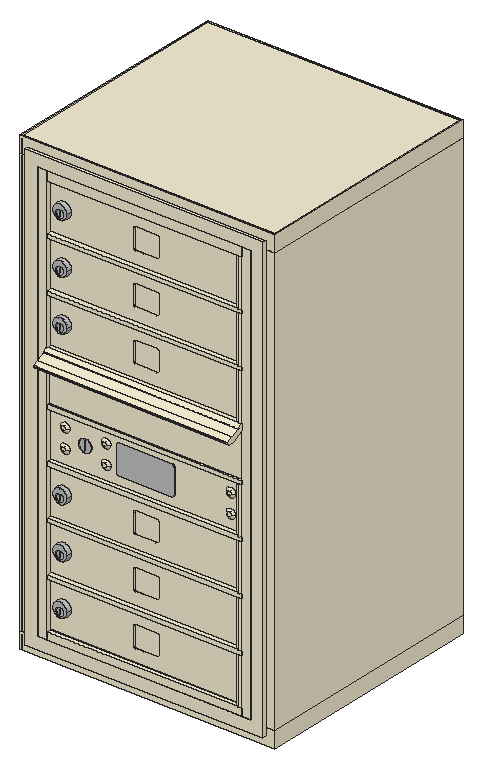
Revit family "Mailboxes_4C-Salsbury_Industries-Surface_Mounted-8_Door_High_Units", category Specialty Equipment, Revit 2016
Family settings
  Part Type = Normal
  Round Connector Dimension = Use Diameter
  OmniClass Number = 23.40.90.14.11
  OmniClass Title = Mail Boxes
  Work Plane-Based = No
  Always vertical = Yes
  Cut with Voids When Loaded = No
  Shared = No
  Room Calculation Point = No
Parameters (values of type "3808S-06")
  Width = 17.496"
  Visible Door Number [instance] = yes
  Version = "1.0 (06/30/17)"
  URL = "www.mailboxes.com"
  Type Comments = "Surface Mounted 4C Horizontal Mailboxes - Front Loading"
  OmniClass 23 Title = "Mail Boxes"
  OmniClass 23 Number = "23.40.90.14.11"
  Model = "3808S-06"
  MasterFormat Title = "Postal Specialties"
  MasterFormat Number = "10 55 00"
  Manufacturer = "Salsbury Industries"
  Lock Material = Stainless Steel - Salsbury Finish -  Polished
  Height = 31.594"
  Front Panel Material [instance] = Paint - Salsbury Finish - Sandstone
  Door Slot R8 Number [instance] = "6"
  Door Slot R7 Number [instance] = "5"
  Door Slot R6 Number [instance] = "4"
  Door Slot R5 Number [instance] = "0"
  Door Slot R4 Number [instance] = "0"
  Door Slot R3 Number [instance] = "3"
  Door Slot R2 Number [instance] = "2"
  Door Slot R1 Number [instance] = "1"
  Door Slot L8 Number [instance] = "0"
  Door Slot L7 Number [instance] = "0"
  Door Slot L6 Number [instance] = "0"
  Door Slot L5 Number [instance] = "0"
  Door Slot L4 Number [instance] = "0"
  Door Slot L3 Number [instance] = "0"
  Door Slot L2 Number [instance] = "0"
  Door Slot L1 Number [instance] = "0"
  Description = "8 Door High Unit:  6 MB1, OM2"
  Depth = 17.500"
  Assembly Description = "Mailboxes"
  Assembly Code = "C1030910"
  Above Finished Floor (Top of Bottom Shelf) [instance] = [Above Finished Floor (Bottom of Unit)] + 1.880"  # 28.000"
  Above Finished Floor (Bottom of Unit) = 26.120"
  4C Unit Height = 30.500"
  4C Unit Elevation = if([Above Finished Floor (Bottom of Unit)] < 13.683", [Above Finished Floor (Bottom of Unit)] + 0.563", (if([Above Finished Floor (Bottom of Unit)] > 13.683", [Above Finished Floor (Bottom of Unit)] + 0.563", [Above Finished Floor (Bottom of Unit)])))  # 26.683"
  4C Unit = Mailboxes_4C-Salsbury_Industries-Front_Load-8_Door_High_Units : 3708S-06 FL
Reference planes (in)
  plane 1 "Center (Front/Back)": y = 0
  plane 2 "Floor": z = 0
  plane 3 "Center (Left/Right)": x = 0
  plane 4 "Left Side of Unit": x = 8.748
  plane 5 "Right Side of Unit": x = -8.748
  plane 6 "Front of Unit": y = -8.75
  plane 7 "Back of Unit": y = 8.75
  plane 8 "Top of Unit": z = 57.714
  plane 9 "Top Trim Line of 4C Unit": z = 57.183
  plane 10 "Left Trim Line of Enclosure": x = 7.6855
  plane 11 "Right Trim Line of Enclosure": x = -7.685
  plane 12 "Alignment of 4C Unit": y = -7.375
  plane 13: x = -8.667
  plane 14: x = 8.667
  plane 15: y = 8.669
  plane 16: y = -7.294
  plane 17: x = -8.667
  plane 18: x = 8.667
  plane 19: y = -7.294
  plane 20: y = 8.669
  plane 21: x = -8.667
  plane 22: x = 8.667
  plane 23: y = 8.669
  plane 24: y = -7.294
  plane 25 "Bottom Trim Line of 4C Unit": z = 26.683
  plane 26 "4C Unit Side Alignment": x = -8.186
  plane 27: z = 26.201
  plane 28 "Bottom of Unit": z = 26.12
  plane 29 "Top of Bottom Cap": z = 27.183
  plane 30 "AFF": z = 28
  plane 31: z = 57.633
  plane 32 "Bottom of Top Cap": z = 56.652
Forms (in)
  Extrusion 1, solid, material "Paint - Salsbury Finish - Sandstone" <- "Front Panel Material"
    sketch origin (0, 0, 1.5) x (0, 1, 0) y (-1, 0, 0)
      loop
        line (-7.375, 7.685) -> (-7.294, 7.685) -> (-7.294, 8.667) -> (8.669, 8.667) -> (8.669, -8.667) -> (-7.294, -8.667) -> (-7.294, -7.6855) -> (-7.375, -7.6855) -> (-7.375, -8.748) -> (8.75, -8.748) -> (8.75, 8.748) -> (-7.375, 8.748) -> (-7.375, 7.685)
    from 25.683 to 55.152
  Extrusion 2, solid, material "Paint - Salsbury Finish - Sandstone" <- "Front Panel Material"
    sketch origin (0, 0, 26.12) x (0, -1, 0) y (1, 0, 0)
      loop
        line (-8.75, -8.748) -> (7.375, -8.748) -> (7.375, 8.748) -> (-8.75, 8.748) -> (-8.75, -8.748)
      loop
        line (-8.669, -8.667) -> (7.294, -8.667) -> (7.294, 8.667) -> (-8.669, 8.667) -> (-8.669, -8.667)
    from 0 to 1.063
  Extrusion 3, solid, material "Paint - Salsbury Finish - Sandstone" <- "Front Panel Material"
    sketch origin (0, 0, 26.12) x (0, -1, 0) y (1, 0, 0)
      loop
        line (-8.669, -8.667) -> (7.294, -8.667) -> (7.294, 8.667) -> (-8.669, 8.667) -> (-8.669, -8.667)
    from 0 to 0.081
  Extrusion 4, solid, material "Paint - Salsbury Finish - Sandstone" <- "Front Panel Material"
    sketch origin (0, 0, 57.714) x (0, -1, 0) y (1, 0, 0)
      loop
        line (-8.669, -8.667) -> (7.294, -8.667) -> (7.294, 8.667) -> (-8.669, 8.667) -> (-8.669, -8.667)
    from -0.081 to 0
  Extrusion 5, solid, material "Paint - Salsbury Finish - Sandstone" <- "Front Panel Material"
    sketch origin (0, 0, 56.652) x (0, -1, 0) y (1, 0, 0)
      loop
        line (-8.75, -8.748) -> (7.375, -8.748) -> (7.375, 8.748) -> (-8.75, 8.748) -> (-8.75, -8.748)
      loop
        line (-8.669, -8.667) -> (7.294, -8.667) -> (7.294, 8.667) -> (-8.669, 8.667) -> (-8.669, -8.667)
    from 0 to 1.062
Lines and regions (in)
  symbolic lines
    curve 1: line (-8.748, 8.75, 0) -> (8.748, 8.75, 0)
    curve 2: line (-8.748, -7.375, 0) -> (-8.748, 8.75, 0)
    curve 3: line (8.748, -7.375, 0) -> (-8.748, -7.375, 0)
    curve 4: line (8.748, 8.75, 0) -> (8.748, -7.375, 0)
    curve 5: line (0, -7.375, 57.18373) -> (0, 8.75, 57.18373)
    curve 6: line (0, -7.375, 27.183) -> (0, 8.75, 27.183)
    curve 7: line (0, 8.75, 43.26571) -> (0, 8.75, 57.18373)
    curve 8: arc (0, 8.75, 43.26571) -> (0, 8.72754, 43.33373) -> (0, 8.669, 43.375) r 0.11423
    curve 9: line (-8.748, 0, 57.714) -> (8.748, 0, 57.714)
    curve 10: line (-8.748, 0, 26.12) -> (-8.748, 0, 57.714)
    curve 11: line (8.748, 0, 26.12) -> (-8.748, 0, 26.12)
    curve 12: line (8.748, 0, 57.714) -> (8.748, 0, 26.12)
    curve 13: line (0, -7.375, 57.714) -> (0, 8.75, 57.714)
    curve 14: line (0, -7.375, 26.12) -> (0, -7.375, 57.714)
    curve 15: line (0, 8.75, 26.12) -> (0, -7.375, 26.12)
    curve 16: line (0, 8.75, 57.714) -> (0, 8.75, 26.12)
Dimensions and locks (in)
  equal spacing: plane 6 "Front of Unit", plane 1 "Center (Front/Back)", plane 7 "Back of Unit"
  "Depth": plane 6 "Front of Unit" to plane 7 "Back of Unit"
  equal spacing: plane 5 "Right Side of Unit", plane 3 "Center (Left/Right)", plane 4 "Left Side of Unit"
  "Width": plane 5 "Right Side of Unit" to plane 4 "Left Side of Unit"
  plane 2 "Floor" to plane 8 "Top of Unit" = 57.714"  (x2)
  locked: plane 5 "Right Side of Unit" to plane 11 "Right Trim Line of Enclosure" at 1.063
  locked: plane 10 "Left Trim Line of Enclosure" to plane 4 "Left Side of Unit" at 1.0625
  plane 9 "Top Trim Line of 4C Unit" to plane 8 "Top of Unit" = 0.531"  (x2)
  plane 6 "Front of Unit" to plane 12 "Alignment of 4C Unit" = 1.375"
  plane 5 "Right Side of Unit" to plane 13 = 0.081"
  plane 15 to plane 7 "Back of Unit" = 0.081"
  plane 14 to plane 4 "Left Side of Unit" = 0.081"
  plane 12 "Alignment of 4C Unit" to plane 16 = 0.081"
  plane 20 to plane 7 "Back of Unit" = 0.081"
  plane 5 "Right Side of Unit" to plane 17 = 0.081"
  plane 18 to plane 4 "Left Side of Unit" = 0.081"
  plane 12 "Alignment of 4C Unit" to plane 19 = 0.081"
  plane 12 "Alignment of 4C Unit" to plane 24 = 0.081"
  plane 22 to plane 4 "Left Side of Unit" = 0.081"
  plane 5 "Right Side of Unit" to plane 21 = 0.081"
  plane 23 to plane 7 "Back of Unit" = 0.081"
  "Height": plane 8 "Top of Unit" to plane 28 "Bottom of Unit"
  "4C Unit Height": plane 9 "Top Trim Line of 4C Unit" to plane 25 "Bottom Trim Line of 4C Unit"
  plane 29 "Top of Bottom Cap" to plane 25 "Bottom Trim Line of 4C Unit" to plane 27 to plane 28 "Bottom of Unit" = 0.500", 0.482", 0.081" locked
  "Above Finished Floor (Bottom of Unit)": plane 28 "Bottom of Unit" to plane 2 "Floor"
  "Above Finished Floor (Top of Bottom Shelf)": plane 30 "AFF" to plane 2 "Floor"
  plane 8 "Top of Unit" to plane 31 to plane 9 "Top Trim Line of 4C Unit" to plane 32 "Bottom of Top Cap" = 0.081", 0.450", 0.531"
  plane 5 "Right Side of Unit" to plane 26 "4C Unit Side Alignment" = 0.562"
  aligned and locked: level to plane 2 "Floor"
  aligned and locked: Extrusion 2 sketch curve to Extrusion 1  (x4)
  aligned and locked: Extrusion 3 sketch curve to Extrusion 1  (x3)
  aligned and locked: plane 11 "Right Trim Line of Enclosure" to Extrusion 1 sketch curve
  aligned and locked: Extrusion 1 sketch curve to plane 16
  aligned and locked: Extrusion 1 sketch curve to plane 12 "Alignment of 4C Unit"  (x2)
  aligned and locked: Extrusion 1 sketch curve to plane 5 "Right Side of Unit"
  aligned and locked: plane 13 to Extrusion 1 sketch curve
  aligned and locked: Extrusion 1 sketch curve to plane 15
  aligned and locked: plane 7 "Back of Unit" to Extrusion 1 sketch curve
  aligned and locked: plane 4 "Left Side of Unit" to Extrusion 1 sketch curve
  aligned and locked: Extrusion 1 sketch curve to plane 14
  aligned and locked: plane 16 to Extrusion 1 sketch curve
  aligned and locked: plane 10 "Left Trim Line of Enclosure" to Extrusion 1 sketch curve
  aligned and locked: plane 18 to Extrusion 2 sketch curve
  aligned and locked: Extrusion 2 sketch curve to plane 17
  aligned and locked: plane 20 to Extrusion 2 sketch curve
  aligned and locked: curve 1 to Extrusion 1
  aligned and locked: curve 2 to Extrusion 1
  aligned and locked: curve 4 to Extrusion 1
  aligned and locked: plane 12 "Alignment of 4C Unit" to Extrusion 1
  aligned and locked: Extrusion 1 to curve 6
  aligned and locked: plane 7 "Back of Unit" to curve 6
  aligned and locked: plane 12 "Alignment of 4C Unit" to curve 6
  aligned and locked: plane 28 "Bottom of Unit" to Extrusion 3
  aligned and locked: Extrusion 2 to Extrusion 3
  aligned and locked: Extrusion 2 to plane 29 "Top of Bottom Cap"
  aligned and locked: Extrusion 3 to plane 27
  aligned and locked: Extrusion 1 to Extrusion 2
  aligned and locked: Extrusion 4 to plane 8 "Top of Unit"
  aligned and locked: plane 31 to Extrusion 4
  aligned and locked: Extrusion 1 to Extrusion 4
  aligned and locked: plane 21 to Extrusion 4
  aligned and locked: Extrusion 1 to plane 32 "Bottom of Top Cap"
  aligned and locked: Extrusion 5 sketch curve to Extrusion 1  (x6)
  aligned and locked: Extrusion 5 sketch curve to Extrusion 2  (x2)
  aligned and locked: Extrusion 5 to plane 8 "Top of Unit"
  aligned and locked: Extrusion 5 to Extrusion 1
  aligned and locked: plane 4 "Left Side of Unit" to curve 12
  aligned and locked: curve 11 to plane 28 "Bottom of Unit"
  aligned and locked: plane 8 "Top of Unit" to curve 9
  aligned and locked: curve 10 to plane 5 "Right Side of Unit"
  aligned and locked: plane 7 "Back of Unit" to curve 16
  aligned and locked: curve 15 to plane 28 "Bottom of Unit"
  aligned and locked: plane 8 "Top of Unit" to curve 13
  aligned and locked: curve 14 to plane 12 "Alignment of 4C Unit"
  aligned and locked: plane 26 "4C Unit Side Alignment" to nested 1
Automatic sketch dimensions
  plane 12 "Alignment of 4C Unit" to curve 3 = 0.000"
  plane 24 to Extrusion 3 sketch curve = 0.000"
  Extrusion 4 sketch curve to plane 22 = 0.000"
  plane 23 to Extrusion 4 sketch curve = 0.000"
  Extrusion 4 sketch curve to plane 21 = 0.000"
  plane 24 to Extrusion 4 sketch curve = 0.000"
  plane 19 to Extrusion 2 sketch curve = 0.000"
  curve 8 to plane 23 = 0.000"
  curve 8 to plane 7 "Back of Unit" = 0.000"
  plane 23 to curve 8 = 0.03323"
  plane 32 "Bottom of Top Cap" to curve 8 = 13.38629"
  curve 5 to plane 9 "Top Trim Line of 4C Unit" = 0.00073"
Nested families (in)
  nested 1: "Mailboxes_4C-Salsbury_Industries-Front_Load-8_Door_High_Units" at (7.36283, -7.375, 0) x (-1, 0, 0) z (0, 0, 1), built-in parameter 1001360 <- "4C Unit Elevation", type <- "4C Unit", Front Panel Material <- "Front Panel Material", Visible Door Number <- "Visible Door Number", Door Slot L1 Number <- "Door Slot L1 Number", Door Slot L2 Number <- "Door Slot L2 Number", Door Slot L3 Number <- "Door Slot L3 Number", Door Slot L4 Number <- "Door Slot L4 Number", Door Slot L5 Number <- "Door Slot L5 Number", Door Slot L6 Number <- "Door Slot L6 Number", Door Slot L7 Number <- "Door Slot L7 Number", Door Slot L8 Number <- "Door Slot L8 Number", Door Slot R1 Number <- "Door Slot R1 Number", Door Slot R2 Number <- "Door Slot R2 Number", Door Slot R3 Number <- "Door Slot R3 Number", Door Slot R4 Number <- "Door Slot R4 Number", Door Slot R5 Number <- "Door Slot R5 Number", Door Slot R6 Number <- "Door Slot R6 Number", Door Slot R7 Number <- "Door Slot R7 Number", Door Slot R8 Number <- "Door Slot R8 Number", type "3708S-06 FL"
    with Visible Door Number yes, Front Panel Material Paint - Salsbury Finish - Sandstone, Door Slot R8 Number "6", Door Slot R7 Number "5", Door Slot R6 Number "4", Door Slot R5 Number "0", Door Slot R4 Number "0", Door Slot R3 Number "3", Door Slot R2 Number "2", Door Slot R1 Number "1", Door Slot L8 Number "0", Door Slot L7 Number "0", Door Slot L6 Number "0", Door Slot L5 Number "0", Door Slot L4 Number "0", Door Slot L3 Number "0", Door Slot L2 Number "0", Door Slot L1 Number "0", built-in parameter 1001320 0.000"
Definition of nested family "Mailboxes_4C-Salsbury_Industries-Front_Load-8_Door_High_Units"
  Parameters (values of type "3708S-06 FL")
    Width = 16.344"
    URL = "www.mailboxes.com"
    OmniClass 23 Title = "Mail Boxes"
    OmniClass 23 Number = "23.40.90.14.11"
    Visible Door Number [instance] = yes
    Vertical Center Divider = no
    Version = "3.0 (06/30/17)"
    Type Comments = "4C Standard Horizontal Mailbox - Front Loading"
    Top Back Plate = yes
    Right Inside Wall = yes
    Model = "3708S-06 FL"
    MasterFormat Title = "Postal Specialties"
    MasterFormat Number = "10 55 00"
    Manufacturer = "Salsbury Industries"
    Mail Door Symbollic = yes
    Lock Material = none
    Left Inside Wall = yes
    Keynote = ""
    Height = 30.500"
    Front Panel Material [instance] = none
    Door Slot R8 Number [instance] = "6"
    Door Slot R8 = 3700 Series 4C Door Configurations : MB1 Door w/ Divider
    Door Slot R7 Number [instance] = "5"
    Door Slot R7 = 3700 Series 4C Door Configurations : MB1 Door w/ Divider
    Door Slot R6 Number [instance] = "4"
    Door Slot R6 = 3700 Series 4C Door Configurations : MB1 Door w/ Divider
    Door Slot R5 Number [instance] = "0"
    Door Slot R5 = 3700 Series 4C OM2 Configuration : OM2-FL
    Door Slot R4 Number [instance] = "0"
    Door Slot R4 = 3700 Series 4C Door Configurations : Empty
    Door Slot R3 Number [instance] = "3"
    Door Slot R3 = 3700 Series 4C Door Configurations : MB1 Door w/ Divider
    Door Slot R2 Number [instance] = "2"
    Door Slot R2 = 3700 Series 4C Door Configurations : MB1 Door w/ Divider
    Door Slot R1 Number [instance] = "1"
    Door Slot R1 = 3700 Series 4C Door Configurations : MB1 Door
    Door Slot L8 Number [instance] = "0"
    Door Slot L8 = 3700 Series 4C Door Configurations : Empty
    Door Slot L7 Number [instance] = "0"
    Door Slot L7 = 3700 Series 4C Door Configurations : Empty
    Door Slot L6 Number [instance] = "0"
    Door Slot L6 = 3700 Series 4C Door Configurations : Empty
    Door Slot L5 Number [instance] = "0"
    Door Slot L5 = 3700 Series 4C Door Configurations : Empty
    Door Slot L4 Number [instance] = "0"
    Door Slot L4 = 3700 Series 4C Door Configurations : Empty
    Door Slot L3 Number [instance] = "0"
    Door Slot L3 = 3700 Series 4C Door Configurations : Empty
    Door Slot L2 Number [instance] = "0"
    Door Slot L2 = 3700 Series 4C Door Configurations : Empty
    Door Slot L1 Number [instance] = "0"
    Door Slot L1 = 3700 Series 4C Door Configurations : Empty
    Description = "8 Door High Unit:  6 MB1, OM2"
    Depth = 17.025"
    Default Elevation [instance] = 48.000"
    Center Extrusion Offset = 0.000"
    Bottom Back Plate = yes
    Back Enclosure Material = none
    Assembly Description = "Mailboxes"
    Assembly Code = "C1030910"
  Types (11): name | Width | Vertical Center Divider | Type Comments | Top Back Plate | Right Inside Wall | Model | Mail Door Symbollic | Left Inside Wall | Door Slot R8 Number | Door Slot R8 | Door Slot R7 Number | Door Slot R7 | Door Slot R6 Number | Door Slot R6 | Door Slot R5 | Door Slot R4 Number | Door Slot R4 | Door Slot R3 Number | Door Slot R3 | Door Slot R2 Number | Door Slot R2 | Door Slot R1 Number | Door Slot R1 | Door Slot L8 Number | Door Slot L8 | Door Slot L7 Number | Door Slot L7 | Door Slot L6 Number | Door Slot L6 | Door Slot L5 Number | Door Slot L5 | Door Slot L4 Number | Door Slot L4 | Door Slot L3 Number | Door Slot L3 | Door Slot L2 Number | Door Slot L2 | Door Slot L1 Number | Door Slot L1 | Description | Center Extrusion Offset | Bottom Back Plate
    3708S-1B FL | 16.344" | no | "4C Horizontal Receptacle Bin - Front Loading" | no | no | "3708S-1B FL" | no | no | "0" | 4C-8 Door High Receptacle : 4C-8 Door High Receptacle | "0" | 3700 Series 4C Door Configurations : Empty | "0" | 3700 Series 4C Door Configurations : Empty | 3700 Series 4C Door Configurations : Empty | "0" | 3700 Series 4C Door Configurations : Empty | "0" | 3700 Series 4C Door Configurations : Empty | "0" | 3700 Series 4C Door Configurations : Empty | "0" | 3700 Series 4C Door Configurations : Empty | "0" | 3700 Series 4C Door Configurations : Empty | "0" | 3700 Series 4C Door Configurations : Empty | "0" | 3700 Series 4C Door Configurations : Empty | "0" | 3700 Series 4C Door Configurations : Empty | "0" | 3700 Series 4C Door Configurations : Empty | "0" | 3700 Series 4C Door Configurations : Empty | "0" | 3700 Series 4C Door Configurations : Empty | "0" | 3700 Series 4C Door Configurations : Empty | "8 Door High Unit" | 48.000" | no
    3708S-1C FL | 16.344" | no | "4C Horizontal Collection Box - Front Loading" | no | no | "3708S-1C FL" | no | no | "0" | 4C-8 Door High Collection Box : 4C-8 Door High Collection Box | "0" | 3700 Series 4C Door Configurations : Empty | "0" | 3700 Series 4C Door Configurations : Empty | 3700 Series 4C Door Configurations : Empty | "0" | 3700 Series 4C Door Configurations : Empty | "0" | 3700 Series 4C Door Configurations : Empty | "0" | 3700 Series 4C Door Configurations : Empty | "0" | 3700 Series 4C Door Configurations : Empty | "0" | 3700 Series 4C Door Configurations : Empty | "0" | 3700 Series 4C Door Configurations : Empty | "0" | 3700 Series 4C Door Configurations : Empty | "0" | 3700 Series 4C Door Configurations : Empty | "0" | 3700 Series 4C Door Configurations : Empty | "0" | 3700 Series 4C Door Configurations : Empty | "0" | 3700 Series 4C Door Configurations : Empty | "0" | 3700 Series 4C Door Configurations : Empty | "8 Door High Unit" | 48.000" | no
    3708D-14 FL | 31.09766" | yes | "4C Standard Horizontal Mailbox - Front Loading" | yes | yes | "3708D-14 FL" | yes | yes | "14" | 3700 Series 4C Door Configurations : MB1 Door w/ Divider | "13" | 3700 Series 4C Door Configurations : MB1 Door w/ Divider | "12" | 3700 Series 4C Door Configurations : MB1 Door w/ Divider | 3700 Series 4C OM2 Configuration : OM2-FL | "0" | 3700 Series 4C Door Configurations : Empty | "11" | 3700 Series 4C Door Configurations : MB1 Door w/ Divider | "10" | 3700 Series 4C Door Configurations : MB1 Door w/ Divider | "9" | 3700 Series 4C Door Configurations : MB1 Door | "8" | 3700 Series 4C Door Configurations : MB1 Door w/ Divider | "7" | 3700 Series 4C Door Configurations : MB1 Door w/ Divider | "6" | 3700 Series 4C Door Configurations : MB1 Door w/ Divider | "5" | 3700 Series 4C Door Configurations : MB1 Door w/ Divider | "4" | 3700 Series 4C Door Configurations : MB1 Door w/ Divider | "3" | 3700 Series 4C Door Configurations : MB1 Door w/ Divider | "2" | 3700 Series 4C Door Configurations : MB1 Door w/ Divider | "1" | 3700 Series 4C Door Configurations : MB1 Door | "8 Door High Unit:  14 MB1, OM2" | 0.000" | yes
    3708S-06 FL | 16.344" | no | "4C Standard Horizontal Mailbox - Front Loading" | yes | yes | "3708S-06 FL" | yes | yes | "6" | 3700 Series 4C Door Configurations : MB1 Door w/ Divider | "5" | 3700 Series 4C Door Configurations : MB1 Door w/ Divider | "4" | 3700 Series 4C Door Configurations : MB1 Door w/ Divider | 3700 Series 4C OM2 Configuration : OM2-FL | "0" | 3700 Series 4C Door Configurations : Empty | "3" | 3700 Series 4C Door Configurations : MB1 Door w/ Divider | "2" | 3700 Series 4C Door Configurations : MB1 Door w/ Divider | "1" | 3700 Series 4C Door Configurations : MB1 Door | "0" | 3700 Series 4C Door Configurations : Empty | "0" | 3700 Series 4C Door Configurations : Empty | "0" | 3700 Series 4C Door Configurations : Empty | "0" | 3700 Series 4C Door Configurations : Empty | "0" | 3700 Series 4C Door Configurations : Empty | "0" | 3700 Series 4C Door Configurations : Empty | "0" | 3700 Series 4C Door Configurations : Empty | "0" | 3700 Series 4C Door Configurations : Empty | "8 Door High Unit:  6 MB1, OM2" | 0.000" | yes
    3708D-13 FL | 31.09766" | yes | "4C Standard Horizontal Mailbox - Front Loading" | yes | yes | "3708D-13 FL" | yes | yes | "13" | 3700 Series 4C Door Configurations : MB1 Door w/ Divider | "12" | 3700 Series 4C Door Configurations : MB1 Door w/ Divider | "0" | 3700 Series 4C OM3 Configuration : OM3-FL | 3700 Series 4C Door Configurations : Empty | "0" | 3700 Series 4C Door Configurations : Empty | "11" | 3700 Series 4C Door Configurations : MB1 Door w/ Divider | "10" | 3700 Series 4C Door Configurations : MB1 Door w/ Divider | "9" | 3700 Series 4C Door Configurations : MB1 Door | "8" | 3700 Series 4C Door Configurations : MB1 Door w/ Divider | "7" | 3700 Series 4C Door Configurations : MB1 Door w/ Divider | "6" | 3700 Series 4C Door Configurations : MB1 Door w/ Divider | "5" | 3700 Series 4C Door Configurations : MB1 Door w/ Divider | "4" | 3700 Series 4C Door Configurations : MB1 Door w/ Divider | "3" | 3700 Series 4C Door Configurations : MB1 Door w/ Divider | "2" | 3700 Series 4C Door Configurations : MB1 Door w/ Divider | "1" | 3700 Series 4C Door Configurations : MB1 Door | "8 Door High Unit:  13 MB1, OM3" | 0.000" | yes
    3708D-09 FL | 31.09766" | yes | "4C Standard Horizontal Mailbox - Front Loading" | yes | yes | "3708D-09 FL" | yes | yes | "9" | 3700 Series 4C Door Configurations : MB1 Door w/ Divider | "8" | 3700 Series 4C Door Configurations : MB1 Door w/ Divider | "7" | 3700 Series 4C Door Configurations : MB1 Door w/ Divider | 3700 Series 4C OM2 Configuration : OM2-FL | "0" | 3700 Series 4C Door Configurations : Empty | "6" | 3700 Series 4C Door Configurations : MB1 Door w/ Divider | "5" | 3700 Series 4C Door Configurations : MB1 Door w/ Divider | "4" | 3700 Series 4C Door Configurations : MB1 Door | "1P" | 3700 Series 4C Parcel Configurations : PL5 w/ Divider | "0" | 3700 Series 4C Door Configurations : Empty | "0" | 3700 Series 4C Door Configurations : Empty | "0" | 3700 Series 4C Door Configurations : Empty | "0" | 3700 Series 4C Door Configurations : Empty | "3" | 3700 Series 4C Door Configurations : MB1 Door w/ Divider | "2" | 3700 Series 4C Door Configurations : MB1 Door w/ Divider | "1" | 3700 Series 4C Door Configurations : MB1 Door | "8 Door High Unit:  9 MB1, 1 PL5, OM2" | 0.000" | yes
    3708D-07 FL | 31.09766" | yes | "4C Standard Horizontal Mailbox - Front Loading" | yes | yes | "3708D-07 FL" | yes | yes | "7" | 3700 Series 4C Door Configurations : MB2 Door w/ Divider | "0" | 3700 Series 4C Door Configurations : Empty | "6" | 3700 Series 4C Door Configurations : MB2 Door w/ Divider | 3700 Series 4C Door Configurations : Empty | "0" | 3700 Series 4C OM2 Configuration : OM2-FL | "0" | 3700 Series 4C Door Configurations : Empty | "5" | 3700 Series 4C Door Configurations : MB2 Door | "0" | 3700 Series 4C Door Configurations : Empty | "4" | 3700 Series 4C Door Configurations : MB2 Door w/ Divider | "0" | 3700 Series 4C Door Configurations : Empty | "3" | 3700 Series 4C Door Configurations : MB2 Door w/ Divider | "0" | 3700 Series 4C Door Configurations : Empty | "2" | 3700 Series 4C Door Configurations : MB2 Door w/ Divider | "0" | 3700 Series 4C Door Configurations : Empty | "1" | 3700 Series 4C Door Configurations : MB2 Door | "0" | 3700 Series 4C Door Configurations : Empty | "8 Door High Unit:  7 MB2, OM2" | 0.000" | yes
    3708D-04 FL | 31.09766" | yes | "4C Standard Horizontal Mailbox - Front Loading" | yes | yes | "3708D-04 FL" | yes | yes | "4" | 3700 Series 4C Door Configurations : MB2 Door w/ Divider | "0" | 3700 Series 4C Door Configurations : Empty | "3" | 3700 Series 4C Door Configurations : MB2 Door w/ Divider | 3700 Series 4C Door Configurations : Empty | "0" | 3700 Series 4C OM2 Configuration : OM2-FL | "0" | 3700 Series 4C Door Configurations : Empty | "2" | 3700 Series 4C Door Configurations : MB2 Door | "0" | 3700 Series 4C Door Configurations : Empty | "1P" | 3700 Series 4C Parcel Configurations : PL6 w/ Divider | "0" | 3700 Series 4C Door Configurations : Empty | "0" | 3700 Series 4C Door Configurations : Empty | "0" | 3700 Series 4C Door Configurations : Empty | "0" | 3700 Series 4C Door Configurations : Empty | "0" | 3700 Series 4C Door Configurations : Empty | "1" | 3700 Series 4C Door Configurations : MB2 Door | "0" | 3700 Series 4C Door Configurations : Empty | "8 Door High Unit:  4 MB2, 1 PL6, OM2" | 0.000" | yes
    3708S-03 FL | 16.344" | no | "4C Standard Horizontal Mailbox - Front Loading" | yes | yes | "3708S-03 FL" | yes | yes | "3" | 3700 Series 4C Door Configurations : MB2 Door w/ Divider | "0" | 3700 Series 4C Door Configurations : Empty | "2" | 3700 Series 4C Door Configurations : MB2 Door w/ Divider | 3700 Series 4C Door Configurations : Empty | "0" | 3700 Series 4C OM2 Configuration : OM2-FL | "0" | 3700 Series 4C Door Configurations : Empty | "1" | 3700 Series 4C Door Configurations : MB2 Door | "0" | 3700 Series 4C Door Configurations : Empty | "0" | 3700 Series 4C Door Configurations : Empty | "0" | 3700 Series 4C Door Configurations : Empty | "0" | 3700 Series 4C Door Configurations : Empty | "0" | 3700 Series 4C Door Configurations : Empty | "0" | 3700 Series 4C Door Configurations : Empty | "0" | 3700 Series 4C Door Configurations : Empty | "0" | 3700 Series 4C Door Configurations : Empty | "0" | 3700 Series 4C Door Configurations : Empty | "8 Door High Unit:  3 MB2, OM2" | 0.000" | yes
    3708S-01 FL | 16.344" | no | "4C Standard Horizontal Mailbox - Front Loading" | yes | yes | "3708S-01 FL" | yes | yes | "1P" | 3700 Series 4C Parcel Configurations : PL5 w/ Divider | "0" | 3700 Series 4C Door Configurations : Empty | "0" | 3700 Series 4C Door Configurations : Empty | 3700 Series 4C Door Configurations : Empty | "0" | 3700 Series 4C Door Configurations : Empty | "0" | 3700 Series 4C OM2 Configuration : OM2-FL | "0" | 3700 Series 4C Door Configurations : Empty | "1" | 3700 Series 4C Door Configurations : MB1 Door | "0" | 3700 Series 4C Door Configurations : Empty | "0" | 3700 Series 4C Door Configurations : Empty | "0" | 3700 Series 4C Door Configurations : Empty | "0" | 3700 Series 4C Door Configurations : Empty | "0" | 3700 Series 4C Door Configurations : Empty | "0" | 3700 Series 4C Door Configurations : Empty | "0" | 3700 Series 4C Door Configurations : Empty | "0" | 3700 Series 4C Door Configurations : Empty | "8 Door High Unit:  1 MB1, 1 PL5, OM2" | 0.000" | yes
    3708S-2P FL | 16.344" | no | "4C Standard Horizontal Mailbox - Front Loading" | yes | yes | "3708S-2P FL" | no | yes | "2P" | 3700 Series 4C Parcel Configurations : PL4 w/ Divider | "0" | 3700 Series 4C Door Configurations : Empty | "0" | 3700 Series 4C Door Configurations : Empty | 3700 Series 4C Door Configurations : Empty | "1P" | 3700 Series 4C Parcel Configurations : PL4 | "0" | 3700 Series 4C Door Configurations : Empty | "0" | 3700 Series 4C Door Configurations : Empty | "0" | 3700 Series 4C Door Configurations : Empty | "0" | 3700 Series 4C Door Configurations : Empty | "0" | 3700 Series 4C Door Configurations : Empty | "0" | 3700 Series 4C Door Configurations : Empty | "0" | 3700 Series 4C Door Configurations : Empty | "0" | 3700 Series 4C Door Configurations : Empty | "0" | 3700 Series 4C Door Configurations : Empty | "0" | 3700 Series 4C Door Configurations : Empty | "0" | 3700 Series 4C Door Configurations : Empty | "8 Door High Unit:  2 PL4" | 0.000" | yes
  Reference planes (in)
    plane 1 "Wall Centerline": y = -3
    plane 2 "Center (Left/Right)": x = 0
    plane 3 "Front": y = 0
    plane 4 "15" AFF": z = 28
    plane 5 "28" AFF": z = 28
    plane 6 "36" AFF": z = 36
    plane 7 "48" AFF": z = 48
    plane 8 "Bottom of Unit": z = 26.683
    plane 9 "Top of Unit": z = 57.183
    plane 10 "Left Side of Unit": x = 15.54883
    plane 11 "Right Side of Unit": x = -0.79517
    plane 12 "28" AFF_Bottom of Unit": z = 26.683
    plane 13 "Top Horiz Trim Align": z = 56.35225
    plane 14 "Bottom Horiz Trim Align": z = 27.515
    plane 15 "Left Trim Align": x = 14.716
    plane 16 "Right Trim Align": x = 0.03766
    plane 17 "Left Door Align": x = 14.06641
    plane 18 "Right Door Align": x = 0.68725
    plane 19 "Top Horiz Door Align": z = 55.76125
    plane 20 "Bottom Horiz Door Align": z = 28
    plane 21 "Front Face of Unit": y = 0.265
    plane 22 "Top Housing Align": z = 56.679
    plane 23 "Top Collar Align": z = 56.531
    plane 24 "Top Box Align": z = 56.176
    plane 25 "Vertical Housing Align": y = -1.205
    plane 26 "Vertical Collar Align": y = -2.205
    plane 27 "Back of Unit": y = -16.76
    plane 28 "Bottom Housing Align": z = 27.187
    plane 29 "Bottom Collar Align": z = 27.335
    plane 30 "Bottom Box Align": z = 27.75
    plane 31 "Door Alignment": y = -0.33191
    plane 32 "Right Housing Align": x = -0.08817
    plane 33 "Right Collar Align": x = 1.34483
    plane 34 "Right Box Side Align": x = 1.67283
    plane 35 "Left Housing Align": x = 14.84183
    plane 36 "Left Collar Align": x = 13.40883
    plane 37 "Left Side Box Align": x = 13.08083
    plane 38 "Top Back Plate Align": z = 55.397
    plane 39 "Bottom Back Plate Align": z = 28.499
    plane 40 "Back": y = -6
    plane 41 "RO Left Side": x = 15.17383
    plane 42 "RO Right Side": x = -0.42017
    plane 43 "RO Bottom": z = 27.058
    plane 44 "RO Top": z = 56.808
    plane 45 "Horiz Centerline": z = 42.04237
    plane 46: z = 27.885
    plane 47: x = 12.99983
    plane 48: x = 12.92758
    plane 49 "Center Extrusion": x = 0
    plane 50 "Center Extrusion Offset": x = 0
    plane 51 "Row 8 Top Align": z = 31.5
    plane 52 "Row 7 Top Align": z = 35
    plane 53 "Row 6 Top Align": z = 38.5
    plane 54 "Row 5 Top Align": z = 42
    plane 55 "Row 4 Top Align": z = 45.5
    plane 56 "Row 3 Top Align": z = 49
    plane 57 "Row 2 Top Align": z = 52.5
    plane 58 "Row 16 Top Align-Private": z = 31.5
    plane 59 "Row 15 Top Align-Private": z = 35
    plane 60 "Row 14 Top Align-Private": z = 38.5
    plane 61 "Row 13 Top Align-Private": z = 42
    plane 62 "Row 12 Top Align-Private": z = 45.5
    plane 63 "Row 11 Top Align-Private": z = 49
    plane 64 "Row 10 Top Align-Private": z = 52.25
    plane 65 "Row 9 Top Align-Private": z = 55.75
    plane 66 "Row 8 Top Align-Private": z = 59.25
    plane 67 "Top of Face Gap": z = 61.25
    plane 68 "Top Latch Align": z = 47.876
    plane 69 "Bottom Latch Align": z = 36.05
    plane 70 "Right Latch Align": x = -0.69183
    plane 71 "Left Latch Align": x = 0.69098
    plane 72 "Latch Alignment Edge": x = -0.79517
    plane 73: x = -12.92783
    plane 74: x = -12.99983
    plane 75: y = -16.84203
    plane 76: x = -2
    plane 77: x = -0.7705
    plane 78: x = 0.7705
    plane 79: x = 2
    plane 80: y = -16.67797
    plane 81: x = -0.69098
    plane 82: x = 0.69183
    plane 83: z = 53.897
    plane 84: z = 29.999
    plane 85: z = 55.81729
    plane 86: z = 28.41625
    plane 87: z = 27.446
    plane 88: z = 28.055
    plane 89: y = -6
    plane 90: x = 14.06267
  Forms (in)
    Extrusion 1, solid, material <- "Front Panel Material"
      sketch origin (0, 0, 0) x (1, 0, 0) y (0, 0, 1)
        loop
          line (15.54883, 57.183) -> (-0.79517, 57.183) -> (-0.79517, 26.683) -> (15.54883, 26.683) -> (15.54883, 57.183)
      from -0.265 to 0
    Extrusion 2, void
      sketch origin (0, 0.265, 0.00774) x (0, 0, -1) y (-1, 0, 0)
        loop
          line (-56.34451, -14.716) -> (-27.50726, -14.716) -> (-27.50726, -0.03766) -> (-56.34451, -0.03766) -> (-56.34451, -14.716)
      from -0.265 to 0
    Extrusion 3, solid, material <- "Front Panel Material"
      sketch origin (14.98214, 0.265, -1.67978) x (0, 0, -1) y (-1, 0, 0)
        loop
          line (-58.03203, 14.94448) -> (-58.03203, 14.29489) -> (-29.19478, 14.29489) -> (-29.19478, 14.94448) -> (-58.03203, 14.94448)
      from 0 to -0.265
    Extrusion 4, solid, material <- "Front Panel Material"
      sketch origin (0, 0.265, 0) x (0, 0, -1) y (-1, 0, 0)
        loop
          line (-27.515, -14.06641) -> (-27.515, -0.68725) -> (-28, -0.68725) -> (-28, -14.06641) -> (-27.515, -14.06641)
      from -0.265 to 0
    Extrusion 5, solid, material <- "Front Panel Material"
      sketch origin (0, 0.265, 0) x (0, 0, -1) y (-1, 0, 0)
        loop
          line (-56.35225, -14.716) -> (-27.515, -14.716) -> (-27.515, -14.06641) -> (-56.35225, -14.06641) -> (-56.35225, -14.716)
      from 0 to -0.265
    Extrusion 6, solid, material <- "Front Panel Material"
      sketch origin (0, 0.265, 0) x (0, 0, -1) y (-1, 0, 0)
        loop
          line (-56.35225, -14.06641) -> (-55.76125, -14.06641) -> (-55.76125, -0.68725) -> (-56.35225, -0.68725) -> (-56.35225, -14.06641)
      from -0.265 to 0
    Extrusion 7, solid, material <- "Front Panel Material", visible <- "Vertical Center Divider"
      sketch origin (-0.77934, 0.265, 0) x (0, 0, 1) y (1, 0, 0)
        loop
          line (56.35225, 1.47033) -> (27.515, 1.47033) -> (27.515, 0.08752) -> (56.35225, 0.08752) -> (56.35225, 1.47033)
      from 0 to -1.47
    Extrusion 8, solid
      sketch origin (0, -6, 60) x (0, 0, 1) y (1, 0, 0)
        loop
          line (-60, -60) -> (60, -60) -> (60, 60) -> (-60, 60) -> (-60, -60)
      from 0 to 6
  Cuts and joins
    Extrusion 2 cuts Extrusion 1
  Lines and regions (in)
    model lines
      curve 1: line (15.54883, 0.265, 57.183) -> (14.716, 0.265, 56.35225)
      curve 2: line (-0.79517, 0.265, 57.183) -> (0.03766, 0.265, 56.35225)
      curve 3: line (-0.79517, 0.265, 26.683) -> (0.03766, 0.265, 27.515)
      curve 4: line (15.54883, 0.265, 26.683) -> (14.716, 0.265, 27.515)
    reference lines
      curve 5: line (0.68725, -0.33191, 26.683) -> (0.68725, -0.33191, 57.183)
      curve 6: line (14.06641, -0.33191, 26.683) -> (14.06641, -0.33191, 57.183)
    symbolic lines
      curve 7: line (-0.79517, 0.265, 28) -> (15.54883, 0.265, 28)
      curve 8: line (-0.79517, 0, 28) -> (-0.79517, 0.265, 28)
      curve 9: line (15.54883, 0, 28) -> (-0.79517, 0, 28)
      curve 10: line (15.54883, 0.265, 28) -> (15.54883, 0, 28)
    symbolic lines, visible <- "Mail Door Symbollic"
      curve 11: line (0.68725, 0.265, 28) -> (0.68725, 1.43, 28)
      curve 12: line (0.68725, 1.43, 28) -> (14.06267, 1.43, 28)
      curve 13: line (14.06267, 1.43, 28) -> (14.06267, 0.265, 28)
  Text (in)
    text "Placement Side" at (0, 40.15149, 123.01588), in view "Right"
    text "Placement Side" at (-58.6842, 42.74981, 0), in view "Ref. Level"
    text "Placement Side" at (0, 47.49176, 140.59947), in view "Left"
  Dimensions and locks (in)
    locked: plane 3 "Front" to Extrusion 8
    level to plane 4 "15" AFF" = 28.000"
    locked: level to plane 5 "28" AFF" at 28
    locked: level to plane 6 "36" AFF" at 36
    locked: level to plane 7 "48" AFF" at 48
    plane 8 "Bottom of Unit" to plane 4 "15" AFF" = 1.317"
    "Height": plane 8 "Bottom of Unit" to plane 9 "Top of Unit"
    plane 12 "28" AFF_Bottom of Unit" to plane 5 "28" AFF" = 1.317"
    locked: plane 15 "Left Trim Align" to plane 10 "Left Side of Unit" at 0.83283
    locked: plane 16 "Right Trim Align" to plane 11 "Right Side of Unit" at 0.83283
    locked: plane 13 "Top Horiz Trim Align" to plane 9 "Top of Unit" at 0.83075
    locked: plane 8 "Bottom of Unit" to plane 14 "Bottom Horiz Trim Align" at 0.832
    plane 17 "Left Door Align" to plane 15 "Left Trim Align" = 0.64959"
    locked: plane 18 "Right Door Align" to plane 16 "Right Trim Align" at 0.64959
    locked: plane 19 "Top Horiz Door Align" to plane 13 "Top Horiz Trim Align" at 0.591
    locked: plane 14 "Bottom Horiz Trim Align" to plane 20 "Bottom Horiz Door Align" at 0.485
    plane 20 "Bottom Horiz Door Align" to level = 28.000"
    plane 5 "28" AFF" to level = 28.000"
    plane 6 "36" AFF" to level = 36.000"
    plane 7 "48" AFF" to level = 48.000"
    plane 9 "Top of Unit" to plane 8 "Bottom of Unit" = 30.500"
    plane 21 "Front Face of Unit" to Extrusion 8 = 0.265"
    locked: Extrusion 8 to plane 25 "Vertical Housing Align" at 1.205
    locked: plane 25 "Vertical Housing Align" to plane 26 "Vertical Collar Align" at 1
    plane 25 "Vertical Housing Align" to plane 27 "Back of Unit" = 15.555"
    "Depth": plane 21 "Front Face of Unit" to plane 27 "Back of Unit"
    locked: plane 9 "Top of Unit" to plane 22 "Top Housing Align" at 0.504
    locked: plane 22 "Top Housing Align" to plane 23 "Top Collar Align" at 0.148
    locked: plane 23 "Top Collar Align" to plane 24 "Top Box Align" at 0.355
    locked: plane 28 "Bottom Housing Align" to plane 8 "Bottom of Unit" at 0.504
    locked: plane 29 "Bottom Collar Align" to plane 28 "Bottom Housing Align" at 0.148
    locked: plane 30 "Bottom Box Align" to plane 29 "Bottom Collar Align" at 0.415
    plane 24 "Top Box Align" to plane 30 "Bottom Box Align" = 28.426"  (x2)
    locked: plane 21 "Front Face of Unit" to plane 31 "Door Alignment" at 0.59691
    plane 11 "Right Side of Unit" to plane 32 "Right Housing Align" to plane 33 "Right Collar Align" to plane 34 "Right Box Side Align" = 0.707" locked, 1.433" locked, 0.328" locked
    plane 37 "Left Side Box Align" to plane 36 "Left Collar Align" to plane 35 "Left Housing Align" to plane 10 "Left Side of Unit" = 0.328" locked, 1.433" locked, 0.707" locked
    plane 11 "Right Side of Unit" to plane 32 "Right Housing Align" to plane 33 "Right Collar Align" to plane 34 "Right Box Side Align" = 0.707", 1.433", 0.328"
    plane 37 "Left Side Box Align" to plane 36 "Left Collar Align" to plane 35 "Left Housing Align" to plane 10 "Left Side of Unit" = 0.328", 1.433", 0.707"
    plane 9 "Top of Unit" to plane 24 "Top Box Align" = 1.007"
    plane 30 "Bottom Box Align" to plane 8 "Bottom of Unit" = 1.067"
    locked: plane 24 "Top Box Align" to plane 38 "Top Back Plate Align" at 0.779
    locked: plane 39 "Bottom Back Plate Align" to plane 30 "Bottom Box Align" at 0.749
    locked: plane 41 "RO Left Side" to plane 10 "Left Side of Unit" at 0.375
    locked: plane 42 "RO Right Side" to plane 11 "Right Side of Unit" at 0.375
    locked: plane 8 "Bottom of Unit" to plane 43 "RO Bottom" at 0.375
    locked: plane 44 "RO Top" to plane 9 "Top of Unit" at 0.375
    plane 46 to plane 30 "Bottom Box Align" = 0.135"
    plane 47 to plane 37 "Left Side Box Align" = 0.081"
    plane 48 to plane 47 = 0.07225"
    plane 18 "Right Door Align" to plane 17 "Left Door Align" = 13.37916"
    "Center Extrusion Offset": plane 49 "Center Extrusion" to plane 50 "Center Extrusion Offset"
    plane 20 "Bottom Horiz Door Align" to plane 51 "Row 8 Top Align" to plane 52 "Row 7 Top Align" to plane 53 "Row 6 Top Align" to plane 54 "Row 5 Top Align" to plane 55 "Row 4 Top Align" to plane 56 "Row 3 Top Align" to plane 57 "Row 2 Top Align" = 3.500", 3.500" locked, 3.500" locked, 3.500" locked, 3.500" locked, 3.500" locked, 3.500" locked
    plane 4 "15" AFF" to plane 58 "Row 16 Top Align-Private" = 3.500"
    plane 58 "Row 16 Top Align-Private" to plane 59 "Row 15 Top Align-Private" to plane 60 "Row 14 Top Align-Private" to plane 61 "Row 13 Top Align-Private" to plane 62 "Row 12 Top Align-Private" to plane 63 "Row 11 Top Align-Private" to plane 64 "Row 10 Top Align-Private" to plane 65 "Row 9 Top Align-Private" to plane 66 "Row 8 Top Align-Private" = 3.500" locked, 3.500" locked, 3.500" locked, 3.500" locked, 3.500" locked, 3.250" locked, 3.500" locked, 3.500" locked
    locked: plane 66 "Row 8 Top Align-Private" to plane 67 "Top of Face Gap" at 2
    level to plane 8 "Bottom of Unit" = 26.683"
    locked: plane 70 "Right Latch Align" to plane 71 "Left Latch Align" at 1.38281
    plane 24 "Top Box Align" to plane 68 "Top Latch Align" = 8.300"
    plane 69 "Bottom Latch Align" to plane 30 "Bottom Box Align" = 8.300"
    plane 72 "Latch Alignment Edge" to plane 70 "Right Latch Align" = 0.10334"
    plane 74 to plane 73 to plane 34 "Right Box Side Align" = 0.072", 14.60066"
    plane 75 to plane 27 "Back of Unit" = 0.08203"
    plane 27 "Back of Unit" to plane 80 = 0.08203"
    plane 76 to plane 77 to plane 70 "Right Latch Align" to plane 50 "Center Extrusion Offset" = 1.2295", 0.07867", 0.69183"
    plane 50 "Center Extrusion Offset" to plane 71 "Left Latch Align" to plane 78 to plane 79 = 0.69098", 0.07952", 1.2295"
    plane 81 to plane 49 "Center Extrusion" to plane 82 = 0.69098" locked, 0.69183" locked
    plane 11 "Right Side of Unit" to Extrusion 1 = 16.344"
    plane 38 "Top Back Plate Align" to plane 83 = 1.500"
    plane 84 to plane 39 "Bottom Back Plate Align" = 1.500"
    locked: plane 85 to plane 24 "Top Box Align" at 0.35871
    plane 14 "Bottom Horiz Trim Align" to plane 86 = 0.90125"
    plane 87 to plane 30 "Bottom Box Align" to plane 88 = 0.304" locked, 0.305" locked
    plane 11 "Right Side of Unit" to plane 2 "Center (Left/Right)" to plane 10 "Left Side of Unit" = 0.79517", 15.54883"
    "Width": plane 11 "Right Side of Unit" to plane 10 "Left Side of Unit"
    locked: plane 18 "Right Door Align" to plane 90 at 13.37542
    aligned and locked: plane 8 "Bottom of Unit" to Extrusion 1 sketch curve
    aligned and locked: plane 10 "Left Side of Unit" to Extrusion 1 sketch curve
    aligned and locked: Extrusion 1 sketch curve to plane 11 "Right Side of Unit"
    aligned and locked: Extrusion 1 sketch curve to plane 9 "Top of Unit"
    aligned and locked: plane 21 "Front Face of Unit" to Extrusion 1
    aligned and locked: Extrusion 3 to plane 16 "Right Trim Align"
    aligned and locked: plane 18 "Right Door Align" to Extrusion 3
    aligned and locked: plane 13 "Top Horiz Trim Align" to Extrusion 3
    aligned and locked: Extrusion 4 to plane 14 "Bottom Horiz Trim Align"
    aligned and locked: Extrusion 4 to plane 17 "Left Door Align"
    aligned and locked: plane 20 "Bottom Horiz Door Align" to Extrusion 4
    aligned and locked: Extrusion 4 to plane 18 "Right Door Align"
    aligned and locked: plane 25 "Vertical Housing Align" to Extrusion 7
    aligned and locked: plane 21 "Front Face of Unit" to Extrusion 7
    aligned and locked: nested 1 to plane 57 "Row 2 Top Align"
    aligned and locked: nested 2 to plane 56 "Row 3 Top Align"
    aligned and locked: nested 9 to plane 17 "Left Door Align"
    aligned and locked: nested 9 to plane 57 "Row 2 Top Align"
    aligned and locked: plane 31 "Door Alignment" to nested 9  (x2)
    aligned and locked: nested 10 to plane 17 "Left Door Align"
    aligned and locked: nested 10 to plane 56 "Row 3 Top Align"
    aligned and locked: plane 31 "Door Alignment" to nested 10  (x2)
    aligned and locked: nested 15 to plane 17 "Left Door Align"
    aligned and locked: nested 15 to plane 51 "Row 8 Top Align"
    aligned and locked: plane 31 "Door Alignment" to nested 15
    aligned and locked: nested 8 to curve 5
    aligned and locked: nested 7 to curve 5
    aligned and locked: nested 6 to curve 5
    aligned and locked: nested 5 to curve 5
    aligned and locked: nested 3 to curve 5
    aligned and locked: nested 16 to curve 6
    aligned and locked: nested 15 to curve 6
    aligned and locked: nested 14 to curve 6
    aligned and locked: nested 13 to curve 6
    aligned and locked: nested 12 to curve 6
    aligned and locked: nested 11 to curve 6
    aligned and locked: nested 10 to curve 6
    aligned and locked: nested 9 to curve 6
    aligned and locked: plane 31 "Door Alignment" to nested 6
    aligned and locked: plane 31 "Door Alignment" to nested 16
    aligned and locked: plane 31 "Door Alignment" to nested 8
    aligned and locked: plane 31 "Door Alignment" to nested 14
    aligned and locked: plane 31 "Door Alignment" to nested 5
    aligned and locked: plane 31 "Door Alignment" to nested 3
    aligned and locked: plane 31 "Door Alignment" to nested 11
    aligned and locked: plane 31 "Door Alignment" to nested 13
    aligned and locked: plane 31 "Door Alignment" to nested 2
    aligned and locked: plane 31 "Door Alignment" to nested 4
    aligned and locked: nested 1 to curve 5
    aligned and locked: nested 2 to curve 5
    aligned and locked: nested 4 to curve 5
    aligned and locked: plane 31 "Door Alignment" to nested 1
    aligned and locked: plane 31 "Door Alignment" to nested 7
    aligned and locked: plane 11 "Right Side of Unit" to plane 72 "Latch Alignment Edge"
    aligned and locked: nested 1 to curve 11
    aligned and locked: plane 21 "Front Face of Unit" to cut or joined group of Extrusion 1, Extrusion 2
    aligned and locked: plane 3 "Front" to cut or joined group of Extrusion 1, Extrusion 2
    aligned and locked: plane 13 "Top Horiz Trim Align" to Extrusion 7
    aligned and locked: Extrusion 7 to plane 14 "Bottom Horiz Trim Align"
    aligned and locked: plane 70 "Right Latch Align" to Extrusion 7
    aligned and locked: Extrusion 7 to plane 71 "Left Latch Align"
    aligned and locked: plane 9 "Top of Unit" to curve 5
    aligned and locked: plane 8 "Bottom of Unit" to curve 5
    aligned and locked: plane 8 "Bottom of Unit" to curve 6
    aligned and locked: curve 6 to plane 17 "Left Door Align"
    aligned and locked: plane 10 "Left Side of Unit" to curve 1
    aligned and locked: plane 9 "Top of Unit" to curve 1
    aligned and locked: plane 15 "Left Trim Align" to curve 1
    aligned and locked: plane 13 "Top Horiz Trim Align" to curve 1
    aligned and locked: plane 11 "Right Side of Unit" to curve 2
    aligned and locked: plane 9 "Top of Unit" to curve 2
    aligned and locked: plane 16 "Right Trim Align" to curve 2
    aligned and locked: plane 13 "Top Horiz Trim Align" to curve 2
    aligned and locked: plane 10 "Left Side of Unit" to curve 4
    aligned and locked: plane 8 "Bottom of Unit" to curve 4
    aligned and locked: plane 15 "Left Trim Align" to curve 4
    aligned and locked: plane 14 "Bottom Horiz Trim Align" to curve 4
    aligned and locked: plane 8 "Bottom of Unit" to curve 3
    aligned and locked: plane 11 "Right Side of Unit" to curve 3
    aligned and locked: plane 16 "Right Trim Align" to curve 3
    aligned and locked: plane 14 "Bottom Horiz Trim Align" to curve 3
    aligned and locked: plane 52 "Row 7 Top Align" to nested 14
    aligned and locked: plane 52 "Row 7 Top Align" to nested 6
    aligned and locked: plane 53 "Row 6 Top Align" to nested 5
    aligned and locked: plane 55 "Row 4 Top Align" to nested 3
    aligned and locked: plane 55 "Row 4 Top Align" to nested 11
    aligned and locked: plane 51 "Row 8 Top Align" to nested 7
    aligned and locked: plane 54 "Row 5 Top Align" to nested 4
    aligned and locked: plane 53 "Row 6 Top Align" to nested 13
    aligned and locked: plane 54 "Row 5 Top Align" to nested 12
    aligned and locked: plane 31 "Door Alignment" to nested 12
    aligned and locked: plane 20 "Bottom Horiz Door Align" to nested 16
    aligned and locked: plane 20 "Bottom Horiz Door Align" to nested 8
    aligned and locked: plane 90 to curve 13
  Automatic sketch dimensions
    Extrusion 2 sketch curve to plane 13 "Top Horiz Trim Align" = 0.000"
    Extrusion 2 sketch curve to plane 14 "Bottom Horiz Trim Align" = 0.000"
    plane 15 "Left Trim Align" to Extrusion 2 sketch curve = 0.000"
    Extrusion 2 sketch curve to plane 16 "Right Trim Align" = 0.000"
    Extrusion 3 sketch curve to plane 13 "Top Horiz Trim Align" = 0.000"
    plane 14 "Bottom Horiz Trim Align" to Extrusion 3 sketch curve = 0.000"
    plane 16 "Right Trim Align" to Extrusion 3 sketch curve = 0.000"
    Extrusion 3 sketch curve to plane 18 "Right Door Align" = 0.000"
    plane 13 "Top Horiz Trim Align" to Extrusion 5 sketch curve = 0.000"
    Extrusion 5 sketch curve to plane 14 "Bottom Horiz Trim Align" = 0.000"
    Extrusion 5 sketch curve to plane 15 "Left Trim Align" = 0.000"
    plane 17 "Left Door Align" to Extrusion 5 sketch curve = 0.000"
    plane 13 "Top Horiz Trim Align" to Extrusion 6 sketch curve = 0.000"
    Extrusion 6 sketch curve to plane 17 "Left Door Align" = 0.000"
    Extrusion 6 sketch curve to plane 18 "Right Door Align" = 0.000"
    Extrusion 6 sketch curve to plane 19 "Top Horiz Door Align" = 0.000"
    plane 4 "15" AFF" to Extrusion 4 sketch curve = 0.000"
    Extrusion 4 sketch curve to plane 14 "Bottom Horiz Trim Align" = 0.000"
    Extrusion 4 sketch curve to plane 17 "Left Door Align" = 0.000"
    Extrusion 4 sketch curve to plane 18 "Right Door Align" = 0.000"
    plane 21 "Front Face of Unit" to curve 12 = 1.165"
    curve 9 to Extrusion 8 = 0.000"
    curve 9 to plane 11 "Right Side of Unit" = 0.000"
    curve 7 to plane 21 "Front Face of Unit" = 0.000"
    curve 6 to plane 9 "Top of Unit" = 0.000"
    curve 5 to plane 18 "Right Door Align" = 0.000"
    Extrusion 8 sketch curve to Extrusion 8 sketch curve = 120.000"  (x2)
    Extrusion 7 sketch curve to plane 14 "Bottom Horiz Trim Align" = 0.000"
    Extrusion 7 sketch curve to plane 13 "Top Horiz Trim Align" = 0.000"
    plane 70 "Right Latch Align" to Extrusion 7 sketch curve = 0.000"
    plane 71 "Left Latch Align" to Extrusion 7 sketch curve = 0.000"
    curve 10 to plane 10 "Left Side of Unit" = 0.000"
  Nested families (in)
    nested 1: "3700 Series 4C Door Configurations" at (7.37475, -0.20495, 52.5) x (-1, 0, 0) z (0, 0, 1), type <- "Door Slot R1", Door Number <- "Door Slot R1 Number", type "MB1 Door"
      with Door Number "1"
    nested 2: "3700 Series 4C Door Configurations" at (7.37475, -0.20495, 49) x (-1, 0, 0) z (0, 0, 1), type <- "Door Slot R2", Door Number <- "Door Slot R2 Number", type "MB1 Door w/ Divider"
      with Door Number "2"
    nested 3: "3700 Series 4C Door Configurations" at (7.37475, -0.20495, 45.5) x (-1, 0, 0) z (0, 0, 1), type <- "Door Slot R3", Door Number <- "Door Slot R3 Number", type "MB1 Door w/ Divider"
      with Door Number "3"
    nested 4: "3700 Series 4C Door Configurations" at (7.37475, -0.20495, 42) x (-1, 0, 0) z (0, 0, 1), type <- "Door Slot R4", Door Number <- "Door Slot R4 Number", type "Empty"
      with Door Number "0"
    nested 5: "3700 Series 4C OM2 Configuration" at (7.37475, -0.20495, 38.5) x (-1, 0, 0) z (0, 0, 1), type <- "Door Slot R5", Door Number <- "Door Slot R5 Number", type "OM2-FL"
      with Door Number "0"
    nested 6: "3700 Series 4C Door Configurations" at (7.37475, -0.20495, 35) x (-1, 0, 0) z (0, 0, 1), type <- "Door Slot R6", Door Number <- "Door Slot R6 Number", type "MB1 Door w/ Divider"
      with Door Number "4"
    nested 7: "3700 Series 4C Door Configurations" at (7.37475, -0.20495, 31.5) x (-1, 0, 0) z (0, 0, 1), type <- "Door Slot R7", Door Number <- "Door Slot R7 Number", type "MB1 Door w/ Divider"
      with Door Number "5"
    nested 8: "3700 Series 4C Door Configurations" at (7.37475, -0.20495, 28) x (-1, 0, 0) z (0, 0, 1), type <- "Door Slot R8", Door Number <- "Door Slot R8 Number", type "MB1 Door w/ Divider"
      with Door Number "6"
    nested 9: "3700 Series 4C Door Configurations" at (7.37891, -0.20495, 52.5) x (-1, 0, 0) z (0, 0, 1), type <- "Door Slot L1", Door Number <- "Door Slot L1 Number", type "Empty"
      with Door Number "0"
    nested 10: "3700 Series 4C Door Configurations" at (7.37891, -0.20495, 49) x (-1, 0, 0) z (0, 0, 1), type <- "Door Slot L2", Door Number <- "Door Slot L2 Number", type "Empty"
      with Door Number "0"
    nested 11: "3700 Series 4C Door Configurations" at (7.37891, -0.20495, 45.5) x (-1, 0, 0) z (0, 0, 1), type <- "Door Slot L3", Door Number <- "Door Slot L3 Number", type "Empty"
      with Door Number "0"
    nested 12: "3700 Series 4C Door Configurations" at (7.37891, -0.20495, 42) x (-1, 0, 0) z (0, 0, 1), type <- "Door Slot L4", Door Number <- "Door Slot L4 Number", type "Empty"
      with Door Number "0"
    nested 13: "3700 Series 4C Door Configurations" at (7.37891, -0.20495, 38.5) x (-1, 0, 0) z (0, 0, 1), type <- "Door Slot L5", Door Number <- "Door Slot L5 Number", type "Empty"
      with Door Number "0"
    nested 14: "3700 Series 4C Door Configurations" at (7.37891, -0.20495, 35) x (-1, 0, 0) z (0, 0, 1), type <- "Door Slot L6", Door Number <- "Door Slot L6 Number", type "Empty"
      with Door Number "0"
    nested 15: "3700 Series 4C Door Configurations" at (7.37891, -0.20495, 31.5) x (-1, 0, 0) z (0, 0, 1), type <- "Door Slot L7", Door Number <- "Door Slot L7 Number", type "Empty"
      with Door Number "0"
    nested 16: "3700 Series 4C Door Configurations" at (7.37891, -0.20495, 28) x (-1, 0, 0) z (0, 0, 1), type <- "Door Slot L8", Door Number <- "Door Slot L8 Number", type "Empty"
      with Door Number "0"
  Definition of nested family "3700 Series 4C Door Configurations"
    Parameters (values of type "MB3 Door")
      Weight = "15 lbs."
      Visible Door Number = yes
      URL = ""
      Model = "3700MB3"
      Manufacturer = "Salsbury Industries"
      Lock Material = none
      Inset Offset = 0.000"
      Front Panel Material = none
      Door Width = 13.375"
      Door Visibility-MB1 = yes
      Door Number [instance] = "101"
      Door Lock = yes
      Door Height = 10.23047"
      Door Divider = no
      Door Depth = 0.25391"
      Description = "MB3 Door for 3700 Series 4C Mailboxes"
      Cost = 0
      Center Lock-Vertical = 0.875"
      Center Lock-Horizontal = 1.61523"
    Types (11): name | Weight | Visible Door Number | Model | Inset Offset | Door Visibility-MB1 | Door Lock | Door Height | Door Divider | Description
      MB1 Door w/ Divider | "5 lbs." | yes | "3700MB1" | 0.000" | yes | yes | 3.23047" | yes | "MB1 Door for 3700 Series 4C Mailboxes"
      MB1 Door | "5 lbs." | yes | "3700MB1" | 0.000" | yes | yes | 3.23047" | no | "MB1 Door for 3700 Series 4C Mailboxes"
      MB2 Door | "10 lbs." | yes | "3700MB2" | 0.000" | yes | yes | 6.73047" | no | "MB2 Door for 3700 Series 4C Mailboxes"
      MB2 Door w/ Divider | "10 lbs." | yes | "3700MB2" | 0.000" | yes | yes | 6.73047" | yes | "MB2 Door for 3700 Series 4C Mailboxes"
      MB3 Door | "15 lbs." | yes | "3700MB3" | 0.000" | yes | yes | 10.23047" | no | "MB3 Door for 3700 Series 4C Mailboxes"
      MB3 Door w/ Divider | "15 lbs." | yes | "3700MB3" | 0.000" | yes | yes | 10.23047" | yes | "MB3 Door for 3700 Series 4C Mailboxes"
      MB4 Door | "20 lbs." | yes | "3700MB4" | 0.000" | yes | yes | 13.73047" | no | "MB4 Door for 3700 Series 4C Mailboxes"
      MB4 Door w/ Divider | "20 lbs." | yes | "3700MB4" | 0.000" | yes | yes | 13.73047" | yes | "MB4 Door for 3700 Series 4C Mailboxes"
      Blank Door | "5 lbs." | no | "3700MB1" | 0.18359" | yes | no | 3.23047" | no | "MB1 Door for 3700 Series 4C Mailboxes"
      Blank Door w/ Divider | "5 lbs." | no | "3700MB1" | 0.18402" | yes | no | 3.23047" | yes | "MB1 Door for 3700 Series 4C Mailboxes"
      Empty | "5 lbs." | no | "Empty MB1" | 0.18359" | no | no | 3.23047" | no | "Empty MB1 Door for 3700 Series 4C Mailboxes"
    Reference planes (in)
      plane 1 "Center (Front/Back)": y = 0
      plane 2 "Bottom of Door": z = 0
      plane 3 "Center (Left/Right)": x = 0
      plane 4 "Left Side Face of Door": x = -6.6875
      plane 5 "Right Side Face of Door": x = 6.6875
      plane 6 "Back Face of Door": y = 0.12695
      plane 7 "Front Face of Door": y = -0.12695
      plane 8: z = 10.23047
      plane 9: z = 5.11523
      plane 10 "Face of Divider": y = -0.46995
      plane 11 "Center Lock Vertical": x = -5.8125
      plane 12 "Center Lock Horizontal": z = 1.61523
      plane 13 "Face of Lock": y = -0.42383
      plane 14 "Divider Height Align": z = 10.50047
      plane 15 "Inset Center": x = -0.0975
      plane 16 "Inset Offset": y = -0.12695
      plane 17: z = 5.49038
      plane 18: z = 4.74072
    Forms (in)
      Extrusion 1, solid, material <- "Front Panel Material", visible <- "Door Visibility-MB1"
        sketch origin (0, 0, 0) x (1, 0, 0) y (0, 1, 0)
          loop
            line (-6.4355, 0.12695) -> (-6.6875, -0.05445) -> (-6.6875, -0.12695) -> (6.05625, -0.12695)
            arc (6.05625, -0.12695) -> (6.19558, -0.17661) -> (6.27209, -0.3032) r 0.22029
            arc (6.27209, -0.3032) -> (6.3553, -0.42132) -> (6.4925, -0.46664) r 0.23034
            arc (6.4925, -0.46664) -> (6.63039, -0.40952) -> (6.6875, -0.27164) r 0.195
            line (6.6875, -0.27164) -> (6.6875, 0.12695) -> (-6.4355, 0.12695)
        from 0 to 10.23047
      Blend 2, solid, material <- "Lock Material", visible <- "Door Lock"
        base sketch origin (0, -0.12695, 0) x (-1, 0, 0) y (0, 0, 1)
          loop
            circle (5.8125, 5.11523) r 0.525
        top sketch origin (0, -0.12695, 0) x (-1, 0, 0) y (0, 0, 1)
          loop
            circle (5.8125, 5.11523) r 0.485
        from 0 to -0.29688
      Extrusion 3, solid, material <- "Front Panel Material", visible <- "Door Divider"
        sketch origin (0, 0, 10.50047) x (-1, 0, 0) y (0, -1, 0)
          loop
            line (6.6875, -0.12695) -> (6.6875, 0.46995) -> (-6.6875, 0.46995) -> (-6.6875, -0.12695) -> (6.6875, -0.12695)
        from -0.27 to 0
      Extrusion 4, void, detail levels fine
        sketch origin (0, -0.42383, 0) x (1, 0, 0) y (0, 0, 1)
          loop
            circle (-5.8125, 4.99523) r 0.285
        from 0 to -0.01562
      Extrusion 5, void, detail levels fine
        sketch origin (0, -0.42383, 0) x (1, 0, 0) y (0, 0, 1)
          loop
            line (-5.84183, 5.12353) -> (-5.84183, 4.82353) -> (-5.78183, 4.82353) -> (-5.78183, 5.12353) -> (-5.84183, 5.12353)
        from 0 to -0.03906
      Extrusion 6, void, detail levels fine
        sketch origin (0, -0.12695, 0) x (0, 0, 1) y (-1, 0, 0)
          loop
            arc (5.86523, 0.8475) -> (5.82862, 0.93589) -> (5.74023, 0.9725) r 0.125
            line (5.74023, 0.9725) -> (4.49023, 0.9725)
            arc (4.49023, 0.9725) -> (4.40185, 0.93589) -> (4.36523, 0.8475) r 0.125
            line (4.36523, 0.8475) -> (4.36523, -0.6525)
            arc (4.36523, -0.6525) -> (4.40185, -0.74089) -> (4.49023, -0.7775) r 0.125
            line (4.49023, -0.7775) -> (5.74023, -0.7775)
            arc (5.74023, -0.7775) -> (5.82862, -0.74089) -> (5.86523, -0.6525) r 0.125
            line (5.86523, -0.6525) -> (5.86523, 0.8475)
        from 0 to -0.03906
    Cuts and joins
      Extrusion 4, Extrusion 5 cuts Blend 2
      Extrusion 6 cuts Extrusion 1
    Lines and regions (in)
      symbolic lines
        curve 1: circle (-5.8125, 0, 5.11523) r 0.53054 normal (0, -1, 0)
    Dimensions and locks (in)
      equal spacing: plane 6 "Back Face of Door", plane 1 "Center (Front/Back)", plane 7 "Front Face of Door"
      "Door Depth": plane 6 "Back Face of Door" to plane 7 "Front Face of Door"
      equal spacing: plane 4 "Left Side Face of Door", plane 3 "Center (Left/Right)", plane 5 "Right Side Face of Door"  (x2)
      "Door Width": plane 4 "Left Side Face of Door" to plane 5 "Right Side Face of Door"
      locked: plane 7 "Front Face of Door" to plane 10 "Face of Divider" at 0.343
